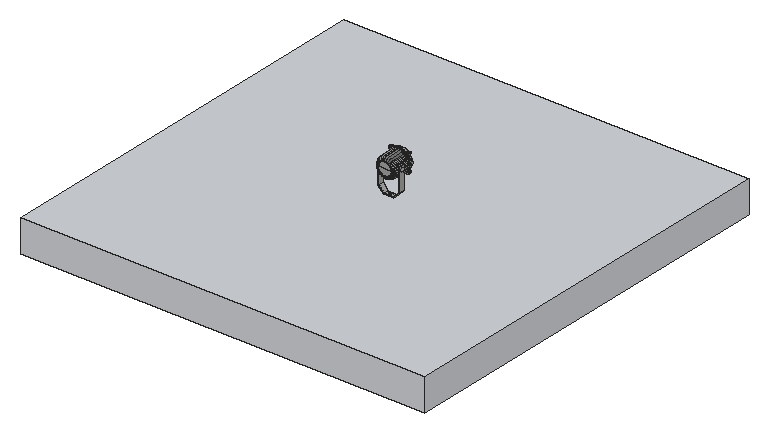
Revit family "MTH", category Lighting Fixtures, host Face, Revit 2014
Parameters (values of type "MTH-6")
  Wattage Comments = "75-99W"
  Warranty = "\t5 Year Warranty"  # constant formula
  URL = "www.hubbellindustrial.com"
  Product Link = "https://www.hubbell.com/hubbellindustriallighting/en/Products/Lighting-Controls/Harsh-Hazardous-Lighting/Flood-Lighting/MTH-Series/p/212413"
  Product Documentation Link = "https://hubbellcdn.com/specsheet/hil_mth_specsht.pdf"
  Model = "MTH"  # constant formula
  Manufacturer = "Hubbell Industrial Lighting"  # constant formula
  Lamp = "LED"
  IP Rating = "IP 65, IP 66"  # constant formula
  Glass = Hubbell - White Glass
  Fixture Head Tillt = 1.00°
  Features = "Die-cast aluminum body designed for maximum heat dissipation\r\nSealed tempered glass lens\r\nStandard with industrial grade 3' cord with available 6' and 9' options\r\nAdvanced thermal management techiques and components\r\nAvailable in 6, 12 and 18 LED configurations\r\nAvailable with 12˚ spotlight or 32˚ flood distributions\r\nThe MTH Series is designed to efficiently light any tough or classified flood light applications and any application requiring long life and low maintenance costs."  # constant formula
  Fastener = Steel - Hubbell
  Environmental Conditions = "Conditioned,Corrosive,Damp Location,Wet Location,Outdoor"  # constant formula
  Description = "The MTH Series is a Class I, Division 2 LED Machine Tool Light"  # constant formula
  Default Elevation = 48"
  Housing Material = Paint - Hubbell - Gray Smooth
  Contact us = "https://www.hubbell.com/hubbellindustriallighting/en/contactUs?productId=212413"
  Certifications = "UL,UL1598A,CSA,Wet Listed,Damp Listed,Dry\r\nClass I Division 2,IP Rated"  # constant formula
  Application = "Commercial Indoor\r\nIndustrial\r\nWarehouse"  # constant formula
  6 = yes
  2 = yes
  18 = no
  12 = no
Reference planes (in)
  plane 1 "Center (Front/Back)": y = 2
  plane 2: z = 0
  plane 3 "Center (Left/Right)": x = 0
  plane 4: x = 2.65625
  plane 5: x = -2.65625
  plane 6: z = 6.25
Forms (in)
  Extrusion 1, solid
    sketch origin (0, 0, 0) x (1, 0, 0) y (0, 1, 0)
      loop
        line (-48, 48) -> (-48, -48) -> (48, -48) -> (48, 48) -> (-48, 48)
    from 0 to -7.58294
  Extrusion 2, solid, material "Steel - Hubbell" <- "Fastener"
    sketch origin (0, -1.13193, -8.48454) x (0, 1, 0) y (0, 0, 1)
      loop
        circle (3.12293, 14.72676) r 0.38115
    from 2.53125 to 2.65625
  Extrusion 3, solid, material "Steel - Hubbell" <- "Fastener"
    sketch origin (0, -1.13193, -8.47676) x (0, 1, 0) y (0, 0, -1)
      loop
        circle (3.12293, -14.72676) r 0.38115
    from 2.53125 to 2.65625
  Extrusion 4, solid, material "Paint - Hubbell - Gray Smooth" <- "Housing Material"
    sketch origin (0, 0.86807, 0) x (1, 0, 0) y (0, 0, 1)
      loop
        line (-1.25, 0) -> (1.25, 0) -> (2.53125, 1.43342) -> (2.53125, 6.91623) -> (2.40625, 6.91623) -> (2.40625, 1.48114) -> (1.19407, 0.125) -> (-1.19407, 0.125) -> (-2.40625, 1.48114) -> (-2.40625, 6.91623) -> (-2.53125, 6.91623) -> (-2.53125, 1.43342) -> (-1.25, 0)
    from -1.73961 to -0.46604
  Extrusion 5, void
    sketch origin (0, -1.13193, 0) x (1, 0, 0) y (0, 1, 0)
      loop
        circle (0, 3.13193) r 0.44669
    from 0 to 0.125
  Revolve 6, solid, material "Hubbell - White Glass" <- "Glass", visible <- "6"
    sketch origin (0.40625, -0.26782, 7.53183) x (1, 0, 0) y (0, 0.999848, 0.017452)
      loop
        line (-1.37979, 4.65313) -> (-1.12979, 4.65313) -> (-1.12979, 4.94454)
        arc (-1.12979, 4.94454) -> (-1.24911, 5.00362) -> (-1.37979, 5.02907) r 0.4993
        line (-1.37979, 5.02907) -> (-1.37979, 4.65313)
      axis (-1.37979, 5.02907) -> (-1.37979, 4.65313)
    angle from 0 to 360
  Revolve 7, solid, material "Hubbell - White Glass" <- "Glass", visible <- "18"
    sketch origin (1.40625, -0.26782, 7.62558) x (1, 0, 0) y (0, 0.999848, 0.017452)
      loop
        line (-1.37979, 4.62188) -> (-1.12979, 4.62188) -> (-1.12979, 4.94454)
        arc (-1.12979, 4.94454) -> (-1.24911, 5.00362) -> (-1.37979, 5.02907) r 0.4993
        line (-1.37979, 5.02907) -> (-1.37979, 4.62188)
      axis (-1.37979, 5.02907) -> (-1.37979, 4.62188)
    angle from 0 to 360
  Revolve 8, solid, material "Hubbell - White Glass" <- "Glass", visible <- "6"
    sketch origin (2.42778, -0.26782, 7.53183) x (1, 0, 0) y (0, 0.999848, 0.017452)
      loop
        line (-1.37979, 4.65313) -> (-1.12979, 4.65313) -> (-1.12979, 4.94454)
        arc (-1.12979, 4.94454) -> (-1.24911, 5.00362) -> (-1.37979, 5.02907) r 0.4993
        line (-1.37979, 5.02907) -> (-1.37979, 4.65313)
      axis (-1.37979, 5.02907) -> (-1.37979, 4.65313)
    angle from 0 to 360
  Revolve 9, solid, material "Hubbell - White Glass" <- "Glass", visible <- "12"
    sketch origin (1.87522, -0.26782, 7.00036) x (1, 0, 0) y (0, 0.999848, 0.017452)
      loop
        line (-1.37979, 4.62188) -> (-1.12979, 4.62188) -> (-1.12979, 4.94454)
        arc (-1.12979, 4.94454) -> (-1.24911, 5.00362) -> (-1.37979, 5.02907) r 0.4993
        line (-1.37979, 5.02907) -> (-1.37979, 4.62188)
      axis (-1.37979, 5.02907) -> (-1.37979, 4.62188)
    angle from 0 to 360
  Revolve 10, solid, material "Hubbell - White Glass" <- "Glass", visible <- "12"
    sketch origin (2.89675, -0.26782, 6.96911) x (1, 0, 0) y (0, 0.999848, 0.017452)
      loop
        line (-1.37979, 4.65313) -> (-1.12979, 4.65313) -> (-1.12979, 4.94454)
        arc (-1.12979, 4.94454) -> (-1.24911, 5.00362) -> (-1.37979, 5.02907) r 0.4993
        line (-1.37979, 5.02907) -> (-1.37979, 4.65313)
      axis (-1.37979, 5.02907) -> (-1.37979, 4.65313)
    angle from 0 to 360
  Revolve 11, solid, material "Hubbell - White Glass" <- "Glass", visible <- "12"
    sketch origin (-1.87522, -0.26782, 7.00036) x (-1, 0, 0) y (0, -0.999848, -0.017452)
      loop
        line (-1.37979, -4.62188) -> (-1.37979, -5.02907)
        arc (-1.37979, -5.02907) -> (-1.24911, -5.00362) -> (-1.12979, -4.94454) r 0.4993
        line (-1.12979, -4.94454) -> (-1.12979, -4.62188) -> (-1.37979, -4.62188)
      axis (-1.37979, -5.02907) -> (-1.37979, -4.62188)
    angle from 0 to 360
  Revolve 12, solid, material "Hubbell - White Glass" <- "Glass", visible <- "12"
    sketch origin (-2.89675, -0.26782, 6.96911) x (-1, 0, 0) y (0, -0.999848, -0.017452)
      loop
        line (-1.37979, -4.65313) -> (-1.37979, -5.02907)
        arc (-1.37979, -5.02907) -> (-1.24911, -5.00362) -> (-1.12979, -4.94454) r 0.4993
        line (-1.12979, -4.94454) -> (-1.12979, -4.65313) -> (-1.37979, -4.65313)
      axis (-1.37979, -5.02907) -> (-1.37979, -4.65313)
    angle from 0 to 360
  Revolve 13, solid, material "Hubbell - White Glass" <- "Glass", visible <- "2"
    sketch origin (1.87522, -0.26782, 6.18786) x (1, 0, 0) y (0, 0.999848, 0.017452)
      loop
        line (-1.37979, 4.62188) -> (-1.12979, 4.62188) -> (-1.12979, 4.94454)
        arc (-1.12979, 4.94454) -> (-1.24911, 5.00362) -> (-1.37979, 5.02907) r 0.4993
        line (-1.37979, 5.02907) -> (-1.37979, 4.62188)
      axis (-1.37979, 5.02907) -> (-1.37979, 4.62188)
    angle from 0 to 360
  Revolve 14, solid, material "Hubbell - White Glass" <- "Glass", visible <- "12"
    sketch origin (2.89675, -0.26782, 6.15661) x (1, 0, 0) y (0, 0.999848, 0.017452)
      loop
        line (-1.37979, 4.65313) -> (-1.12979, 4.65313) -> (-1.12979, 4.94454)
        arc (-1.12979, 4.94454) -> (-1.24911, 5.00362) -> (-1.37979, 5.02907) r 0.4993
        line (-1.37979, 5.02907) -> (-1.37979, 4.65313)
      axis (-1.37979, 5.02907) -> (-1.37979, 4.65313)
    angle from 0 to 360
  Revolve 15, solid, material "Hubbell - White Glass" <- "Glass", visible <- "2"
    sketch origin (-1.87522, -0.26782, 6.18786) x (-1, 0, 0) y (0, -0.999848, -0.017452)
      loop
        line (-1.37979, -4.62188) -> (-1.37979, -5.02907)
        arc (-1.37979, -5.02907) -> (-1.24911, -5.00362) -> (-1.12979, -4.94454) r 0.4993
        line (-1.12979, -4.94454) -> (-1.12979, -4.62188) -> (-1.37979, -4.62188)
      axis (-1.37979, -5.02907) -> (-1.37979, -4.62188)
    angle from 0 to 360
  Revolve 16, solid, material "Hubbell - White Glass" <- "Glass", visible <- "12"
    sketch origin (-2.89675, -0.26782, 6.15661) x (-1, 0, 0) y (0, -0.999848, -0.017452)
      loop
        line (-1.37979, -4.65313) -> (-1.37979, -5.02907)
        arc (-1.37979, -5.02907) -> (-1.24911, -5.00362) -> (-1.12979, -4.94454) r 0.4993
        line (-1.12979, -4.94454) -> (-1.12979, -4.65313) -> (-1.37979, -4.65313)
      axis (-1.37979, -5.02907) -> (-1.37979, -4.65313)
    angle from 0 to 360
  Revolve 17, solid, material "Hubbell - White Glass" <- "Glass", visible <- "6"
    sketch origin (0.40625, -0.26782, 5.03067) x (1, 0, 0) y (0, -0.999848, 0.017452)
      loop
        line (-1.37979, -4.65313) -> (-1.37979, -5.02907)
        arc (-1.37979, -5.02907) -> (-1.24911, -5.00362) -> (-1.12979, -4.94454) r 0.4993
        line (-1.12979, -4.94454) -> (-1.12979, -4.65313) -> (-1.37979, -4.65313)
      axis (-1.37979, -5.02907) -> (-1.37979, -4.65313)
    angle from 0 to 360
  Revolve 18, solid, material "Hubbell - White Glass" <- "Glass", visible <- "18"
    sketch origin (1.40625, -0.26782, 4.93692) x (1, 0, 0) y (0, -0.999848, 0.017452)
      loop
        line (-1.37979, -4.62188) -> (-1.37979, -5.02907)
        arc (-1.37979, -5.02907) -> (-1.24911, -5.00362) -> (-1.12979, -4.94454) r 0.4993
        line (-1.12979, -4.94454) -> (-1.12979, -4.62188) -> (-1.37979, -4.62188)
      axis (-1.37979, -5.02907) -> (-1.37979, -4.62188)
    angle from 0 to 360
  Revolve 19, solid, material "Hubbell - White Glass" <- "Glass", visible <- "6"
    sketch origin (2.42778, -0.26782, 5.03067) x (1, 0, 0) y (0, -0.999848, 0.017452)
      loop
        line (-1.37979, -4.65313) -> (-1.37979, -5.02907)
        arc (-1.37979, -5.02907) -> (-1.24911, -5.00362) -> (-1.12979, -4.94454) r 0.4993
        line (-1.12979, -4.94454) -> (-1.12979, -4.65313) -> (-1.37979, -4.65313)
      axis (-1.37979, -5.02907) -> (-1.37979, -4.65313)
    angle from 0 to 360
  Revolve 20, solid, material "Hubbell - White Glass" <- "Glass", visible <- "12"
    sketch origin (1.87522, -0.26782, 5.56214) x (1, 0, 0) y (0, -0.999848, 0.017452)
      loop
        line (-1.37979, -4.62188) -> (-1.37979, -5.02907)
        arc (-1.37979, -5.02907) -> (-1.24911, -5.00362) -> (-1.12979, -4.94454) r 0.4993
        line (-1.12979, -4.94454) -> (-1.12979, -4.62188) -> (-1.37979, -4.62188)
      axis (-1.37979, -5.02907) -> (-1.37979, -4.62188)
    angle from 0 to 360
  Revolve 21, solid, material "Hubbell - White Glass" <- "Glass", visible <- "12"
    sketch origin (2.89675, -0.26782, 5.59339) x (1, 0, 0) y (0, -0.999848, 0.017452)
      loop
        line (-1.37979, -4.65313) -> (-1.37979, -5.02907)
        arc (-1.37979, -5.02907) -> (-1.24911, -5.00362) -> (-1.12979, -4.94454) r 0.4993
        line (-1.12979, -4.94454) -> (-1.12979, -4.65313) -> (-1.37979, -4.65313)
      axis (-1.37979, -5.02907) -> (-1.37979, -4.65313)
    angle from 0 to 360
  Revolve 22, solid, material "Hubbell - White Glass" <- "Glass", visible <- "12"
    sketch origin (-1.87522, -0.26782, 5.56214) x (-1, 0, 0) y (0, 0.999848, -0.017452)
      loop
        line (-1.37979, 4.62188) -> (-1.12979, 4.62188) -> (-1.12979, 4.94454)
        arc (-1.12979, 4.94454) -> (-1.24911, 5.00362) -> (-1.37979, 5.02907) r 0.4993
        line (-1.37979, 5.02907) -> (-1.37979, 4.62188)
      axis (-1.37979, 5.02907) -> (-1.37979, 4.62188)
    angle from 0 to 360
  Revolve 23, solid, material "Hubbell - White Glass" <- "Glass", visible <- "12"
    sketch origin (-2.89675, -0.26782, 5.59339) x (-1, 0, 0) y (0, 0.999848, -0.017452)
      loop
        line (-1.37979, 4.65313) -> (-1.12979, 4.65313) -> (-1.12979, 4.94454)
        arc (-1.12979, 4.94454) -> (-1.24911, 5.00362) -> (-1.37979, 5.02907) r 0.4993
        line (-1.37979, 5.02907) -> (-1.37979, 4.65313)
      axis (-1.37979, 5.02907) -> (-1.37979, 4.65313)
    angle from 0 to 360
Cuts and joins
  Extrusion 5 cuts Extrusion 4
Dimensions and locks (in)
  equal spacing: plane 4, plane 3 "Center (Left/Right)", plane 5, locked at 2.65625 each
  locked: plane 4 to plane 3 "Center (Left/Right)" at 2.65625
  plane 6 to plane 2 = 6 1/4"
  "Fixture Head Tillt": angle nested 1 to plane 6
  aligned and locked: plane 2 to Extrusion 1
  aligned and locked: plane 1 "Center (Front/Back)" to nested 1
  aligned and locked: plane 6 to nested 1
Automatic sketch dimensions
  Extrusion 1 sketch curve to Extrusion 1 sketch curve = 96"  (x2)
  plane 1 "Center (Front/Back)" to Extrusion 2 sketch curve = 0.009"
  Extrusion 2 sketch curve to plane 6 = 0.00777"
  Extrusion 3 sketch curve to plane 6 = 0"
  plane 1 "Center (Front/Back)" to Extrusion 3 sketch curve = 0.009"
  Extrusion 4 sketch curve to level = 0"
  plane 5 to Extrusion 4 sketch curve = 1/8"
  Extrusion 4 sketch curve to Extrusion 4 sketch curve = 1/8"  (x2)
  Extrusion 4 sketch curve to plane 3 "Center (Left/Right)" = 1 1/4"
  level to Extrusion 4 sketch curve = 1/8"
  Extrusion 4 sketch curve to Extrusion 4 sketch curve = 0.05593"  (x2)
  plane 3 "Center (Left/Right)" to Extrusion 4 sketch curve = 1.19407"
  Extrusion 4 sketch curve to plane 4 = 1/4"
  level to Extrusion 4 sketch curve = 1.43342"  (x2)
  Extrusion 4 sketch curve to Extrusion 4 sketch curve = 0.04772"  (x2)
  plane 6 to Extrusion 4 sketch curve = 0.66623"  (x2)
  plane 1 "Center (Front/Back)" to Extrusion 5 sketch curve = 0"
  Extrusion 5 sketch curve to plane 3 "Center (Left/Right)" = 0"
  Revolve 6 sketch curve to plane 3 "Center (Left/Right)" = 1.00279"
  Revolve 6 sketch curve to Revolve 6 sketch curve = 0.02925"  (x2)
  Revolve 6 sketch curve to Revolve 6 sketch curve = 1/4"
  Revolve 6 sketch curve to Revolve 6 sketch curve = 0.12251"
  Revolve 6 sketch curve to Revolve 6 sketch curve = 0.29141"
  Revolve 6 sketch curve to Revolve 6 sketch curve = 0.65874"
  Revolve 6 sketch curve to Revolve 6 sketch curve = 0.84281"
  Revolve 7 sketch curve to plane 3 "Center (Left/Right)" = 0.00279"
  plane 3 "Center (Left/Right)" to Revolve 7 sketch curve = 0.02646"  (x2)
  Revolve 7 sketch curve to Revolve 7 sketch curve = 1/4"
  Revolve 7 sketch curve to Revolve 7 sketch curve = 0.09126"
  Revolve 7 sketch curve to Revolve 7 sketch curve = 0.32266"
  Revolve 7 sketch curve to Revolve 7 sketch curve = 0.65874"
  Revolve 7 sketch curve to Revolve 7 sketch curve = 0.84281"
  plane 3 "Center (Left/Right)" to Revolve 8 sketch curve = 1.01874"
  Revolve 8 sketch curve to Revolve 8 sketch curve = 0.02925"  (x2)
  Revolve 8 sketch curve to Revolve 8 sketch curve = 1/4"
  Revolve 8 sketch curve to Revolve 8 sketch curve = 0.12251"
  Revolve 8 sketch curve to Revolve 8 sketch curve = 0.29141"
  Revolve 8 sketch curve to Revolve 8 sketch curve = 0.65874"
  Revolve 8 sketch curve to Revolve 8 sketch curve = 0.84281"
  plane 3 "Center (Left/Right)" to Revolve 9 sketch curve = 0.46618"
  Revolve 9 sketch curve to Revolve 9 sketch curve = 0.02925"
  Revolve 9 sketch curve to Revolve 9 sketch curve = 1/4"
  Revolve 9 sketch curve to Revolve 9 sketch curve = 0.09126"
  Revolve 9 sketch curve to Revolve 9 sketch curve = 0.32266"
  plane 3 "Center (Left/Right)" to Revolve 9 sketch curve = 0.49543"
  Revolve 9 sketch curve to Revolve 9 sketch curve = 0.65874"
  Revolve 9 sketch curve to Revolve 9 sketch curve = 0.84281"
  Revolve 10 sketch curve to plane 4 = 1.16854"
  Revolve 10 sketch curve to Revolve 10 sketch curve = 0.02925"  (x2)
  Revolve 10 sketch curve to Revolve 10 sketch curve = 1/4"
  Revolve 10 sketch curve to Revolve 10 sketch curve = 0.12251"
  Revolve 10 sketch curve to Revolve 10 sketch curve = 0.29141"
  Revolve 10 sketch curve to Revolve 10 sketch curve = 0.65874"
  Revolve 10 sketch curve to Revolve 10 sketch curve = 0.84281"
  Revolve 11 sketch curve to plane 3 "Center (Left/Right)" = 0.46618"
  Revolve 11 sketch curve to Revolve 11 sketch curve = 0.02925"
  Revolve 11 sketch curve to Revolve 11 sketch curve = 1/4"
  Revolve 11 sketch curve to Revolve 11 sketch curve = 0.08453"
  Revolve 11 sketch curve to Revolve 11 sketch curve = 0.09126"
  Revolve 11 sketch curve to plane 3 "Center (Left/Right)" = 0.49543"
  Revolve 11 sketch curve to Revolve 11 sketch curve = 0.84281"
  Revolve 11 sketch curve to Revolve 11 sketch curve = 0.65874"
  plane 5 to Revolve 12 sketch curve = 1.16854"
  Revolve 12 sketch curve to Revolve 12 sketch curve = 0.02925"  (x2)
  Revolve 12 sketch curve to Revolve 12 sketch curve = 1/4"
  Revolve 12 sketch curve to Revolve 12 sketch curve = 0.08453"
  Revolve 12 sketch curve to Revolve 12 sketch curve = 0.12251"
  Revolve 12 sketch curve to Revolve 12 sketch curve = 0.84281"
  Revolve 12 sketch curve to Revolve 12 sketch curve = 0.65874"
  plane 3 "Center (Left/Right)" to Revolve 13 sketch curve = 0.46618"
  Revolve 13 sketch curve to Revolve 13 sketch curve = 0.02925"
  Revolve 13 sketch curve to Revolve 13 sketch curve = 1/4"
  Revolve 13 sketch curve to Revolve 13 sketch curve = 0.09126"
  Revolve 13 sketch curve to Revolve 13 sketch curve = 0.32266"
  plane 3 "Center (Left/Right)" to Revolve 13 sketch curve = 0.49543"
  Revolve 13 sketch curve to Revolve 13 sketch curve = 0.65874"
  Revolve 13 sketch curve to Revolve 13 sketch curve = 0.84281"
  Revolve 14 sketch curve to plane 4 = 1.16854"
  Revolve 14 sketch curve to Revolve 14 sketch curve = 0.02925"  (x2)
  Revolve 14 sketch curve to Revolve 14 sketch curve = 1/4"
  Revolve 14 sketch curve to Revolve 14 sketch curve = 0.12251"
  Revolve 14 sketch curve to Revolve 14 sketch curve = 0.29141"
  Revolve 14 sketch curve to Revolve 14 sketch curve = 0.65874"
  Revolve 14 sketch curve to Revolve 14 sketch curve = 0.84281"
  Revolve 15 sketch curve to plane 3 "Center (Left/Right)" = 0.46618"
  Revolve 15 sketch curve to Revolve 15 sketch curve = 0.02925"
  Revolve 15 sketch curve to Revolve 15 sketch curve = 1/4"
  Revolve 15 sketch curve to Revolve 15 sketch curve = 0.08453"
  Revolve 15 sketch curve to Revolve 15 sketch curve = 0.09126"
  Revolve 15 sketch curve to plane 3 "Center (Left/Right)" = 0.49543"
  Revolve 15 sketch curve to Revolve 15 sketch curve = 0.84281"
  Revolve 15 sketch curve to Revolve 15 sketch curve = 0.65874"
  plane 5 to Revolve 16 sketch curve = 1.16854"
  Revolve 16 sketch curve to Revolve 16 sketch curve = 0.02925"  (x2)
  Revolve 16 sketch curve to Revolve 16 sketch curve = 1/4"
  Revolve 16 sketch curve to Revolve 16 sketch curve = 0.08453"
  Revolve 16 sketch curve to Revolve 16 sketch curve = 0.12251"
  Revolve 16 sketch curve to Revolve 16 sketch curve = 0.84281"
  Revolve 16 sketch curve to Revolve 16 sketch curve = 0.65874"
  Revolve 17 sketch curve to plane 3 "Center (Left/Right)" = 1.00279"
  Revolve 17 sketch curve to Revolve 17 sketch curve = 0.02925"  (x2)
  Revolve 17 sketch curve to Revolve 17 sketch curve = 1/4"
  Revolve 17 sketch curve to Revolve 17 sketch curve = 0.08453"
  Revolve 17 sketch curve to Revolve 17 sketch curve = 0.12251"
  Revolve 17 sketch curve to Revolve 17 sketch curve = 0.84281"
  Revolve 17 sketch curve to Revolve 17 sketch curve = 0.65874"
  Revolve 18 sketch curve to plane 3 "Center (Left/Right)" = 0.00279"
  plane 3 "Center (Left/Right)" to Revolve 18 sketch curve = 0.02646"  (x2)
  Revolve 18 sketch curve to Revolve 18 sketch curve = 1/4"
  Revolve 18 sketch curve to Revolve 18 sketch curve = 0.08453"
  Revolve 18 sketch curve to Revolve 18 sketch curve = 0.09126"
  Revolve 18 sketch curve to Revolve 18 sketch curve = 0.84281"
  Revolve 18 sketch curve to Revolve 18 sketch curve = 0.65874"
  plane 3 "Center (Left/Right)" to Revolve 19 sketch curve = 1.01874"
  Revolve 19 sketch curve to Revolve 19 sketch curve = 0.02925"  (x2)
  Revolve 19 sketch curve to Revolve 19 sketch curve = 1/4"
  Revolve 19 sketch curve to Revolve 19 sketch curve = 0.08453"
  Revolve 19 sketch curve to Revolve 19 sketch curve = 0.12251"
  Revolve 19 sketch curve to Revolve 19 sketch curve = 0.84281"
  Revolve 19 sketch curve to Revolve 19 sketch curve = 0.65874"
  plane 3 "Center (Left/Right)" to Revolve 20 sketch curve = 0.46618"
  Revolve 20 sketch curve to Revolve 20 sketch curve = 0.02925"
  Revolve 20 sketch curve to Revolve 20 sketch curve = 1/4"
  Revolve 20 sketch curve to Revolve 20 sketch curve = 0.08453"
  Revolve 20 sketch curve to Revolve 20 sketch curve = 0.09126"
  plane 3 "Center (Left/Right)" to Revolve 20 sketch curve = 0.49543"
  Revolve 20 sketch curve to Revolve 20 sketch curve = 0.84281"
  Revolve 20 sketch curve to Revolve 20 sketch curve = 0.65874"
  Revolve 21 sketch curve to plane 4 = 1.16854"
  Revolve 21 sketch curve to Revolve 21 sketch curve = 0.02925"  (x2)
  Revolve 21 sketch curve to Revolve 21 sketch curve = 1/4"
  Revolve 21 sketch curve to Revolve 21 sketch curve = 0.08453"
  Revolve 21 sketch curve to Revolve 21 sketch curve = 0.12251"
  Revolve 21 sketch curve to Revolve 21 sketch curve = 0.84281"
  Revolve 21 sketch curve to Revolve 21 sketch curve = 0.65874"
  Revolve 22 sketch curve to plane 3 "Center (Left/Right)" = 0.46618"
  Revolve 22 sketch curve to Revolve 22 sketch curve = 0.02925"
  Revolve 22 sketch curve to Revolve 22 sketch curve = 1/4"
  Revolve 22 sketch curve to Revolve 22 sketch curve = 0.09126"
  Revolve 22 sketch curve to Revolve 22 sketch curve = 0.32266"
  Revolve 22 sketch curve to plane 3 "Center (Left/Right)" = 0.49543"
  Revolve 22 sketch curve to Revolve 22 sketch curve = 0.65874"
  Revolve 22 sketch curve to Revolve 22 sketch curve = 0.84281"
  plane 5 to Revolve 23 sketch curve = 1.16854"
  Revolve 23 sketch curve to Revolve 23 sketch curve = 0.02925"  (x2)
  Revolve 23 sketch curve to Revolve 23 sketch curve = 1/4"
  Revolve 23 sketch curve to Revolve 23 sketch curve = 0.12251"
  Revolve 23 sketch curve to Revolve 23 sketch curve = 0.29141"
  Revolve 23 sketch curve to Revolve 23 sketch curve = 0.65874"
  Revolve 23 sketch curve to Revolve 23 sketch curve = 0.84281"
  radius of Extrusion 2 sketch curve = 0.38115"
  radius of Extrusion 3 sketch curve = 0.38115"
  radius of Extrusion 5 sketch curve = 0.44669"
Nested families (in)
  nested 1: "MTH" at (2.40625, 3.9997, 6.2849) x (0, 0.0175, -0.9998) z (-1, 0, 0), type "MTH"
Connectors (in)
  electrical at (0, 1.9709, 0.125)
    settings: on cut or joined group of Extrusion 4, Extrusion 5, index 1, voltage 120 V, apparent load 21 VA, apparent load phase1 0 VA, apparent load phase2 0 VA, apparent load phase3 0 VA, power factor 0.9, load classification "Other", number of poles 1, system type 30, power factor state 1, is connector primary yes, connector utility no, sub classification motor no, connector description "Lighting Connector"
Definition of nested family "MTH"
  Parameters (values of type "Dokstar Head")
    Wattage Comments = ""
    Wattage = 9.2903 W
    built-in parameter 1150110 = 1 (stored number, unit not read)
    URL = "www.hubbellindustrial.com"
    built-in parameter 1114217 = 1 (stored number, unit not read)
    Tilt Angle = 90.00°
    built-in parameter 1150109 = 1 (stored number, unit not read)
    built-in parameter 1150134 = 3
    built-in parameter 1150113 = 1 (stored number, unit not read)
    Photometric Web File = "generic"
    built-in parameter 1150142 = (empty or 0)
    Model = "DOKSTAR"  # constant formula
    Manufacturer = "Hubbell Industrial Lighting"  # constant formula
    built-in parameter 1150105 = 109.82 (stored number, unit not read)
    Lumens = 1380 lm
    built-in parameter 1150115 = 1 (stored number, unit not read)
    built-in parameter 1150137 = (empty or 0)
    built-in parameter 1150139 = (empty or 0)
    built-in parameter 1150112 = 1 (stored number, unit not read)
    built-in parameter 1150114 = 1 (stored number, unit not read)
    Lamp = ""
    Opal lens = Hubbell - White Glass
    built-in parameter 1150132 = (empty or 0)
    built-in parameter 1150102 = (empty or 0)
    built-in parameter 1150107 = 3200 (stored number, unit not read)
    built-in parameter 1150138 = (empty or 0)
    built-in parameter 1150106 = 1.0982 (stored number, unit not read)
    Emit from Circle Diameter = 4"
    Emit Shape Visible in Rendering = no
    built-in parameter 1150104 = 13.8 (stored number, unit not read)
    Dimming Lamp Color Temperature Shift = (empty or 0)
    Description = "Dokstar™ Series LED Loading Dock Lights deliver lower energy cost with high quality superior light over incandescent, quartz or metal halide technologies traditionally used in loading dock applications."  # constant formula
    Default Elevation = 48"
    Finish = Powdercoat - Hubbell - Yellow
    Color Filter = 16777215
    built-in parameter 1114218 = 1 (stored number, unit not read)
    built-in parameter 1150133 = 10 (stored number, unit not read)
  Reference planes (in)
    plane 1 "Center (Front/Back)": y = 2
    plane 2: z = 0
    plane 3 "Center (Left/Right)": x = 0
    plane 4: x = 2.65625
    plane 5: x = -2.65625
    plane 6: through (2.65625, -180.68316, -0.38108) normal (-0.7232, 0, -0.6907)
    plane 7: through (-2.65625, -180.68316, -0.38108) normal (-0.7232, 0, 0.6907)
    plane 8: y = -1
    plane 9: y = 3.8125
  Forms (in)
    Extrusion 1, solid
      sketch origin (0, 0, 0) x (1, 0, 0) y (0, 1, 0)
        loop
          line (-48, 48) -> (-48, -48) -> (48, -48) -> (48, 48) -> (-48, 48)
      from 0 to -7.58294
    Extrusion 2, solid, material "Powdercoat - Hubbell - Yellow" <- "Finish"
      sketch origin (0, 1.31684, 5.18142) x (-1, 0, 0) y (0, 0, -1)
        loop
          arc (-2.02183, 4.504) -> (-2.65625, 2.78152) -> (-2.02218, 1.05891) r 2.65625
          arc (-2.02218, 1.05891) -> (-2.01475, 1.0374) -> (-2.02388, 1.01655) r 0.03125
          line (-2.02388, 1.01655) -> (-2.17834, 0.86209)
          arc (-2.17834, 0.86209) -> (-2.18757, 0.51223) -> (-1.83797, 0.49597) r 0.25
          line (-1.83797, 0.49597) -> (-1.66073, 0.6732)
          arc (-1.66073, 0.6732) -> (-1.64066, 0.68229) -> (-1.61958, 0.67587) r 0.03125
          arc (-1.61958, 0.67587) -> (-0.00043, 0.125) -> (1.61889, 0.67534) r 2.65625
          arc (1.61889, 0.67534) -> (1.63997, 0.68175) -> (1.66004, 0.67266) r 0.03125
          line (1.66004, 0.67266) -> (1.84415, 0.48855)
          arc (1.84415, 0.48855) -> (2.19413, 0.48874) -> (2.20098, 0.83865) r 0.25
          line (2.20098, 0.83865) -> (2.02351, 1.01612)
          arc (2.02351, 1.01612) -> (2.01438, 1.03698) -> (2.02182, 1.05849) r 0.03125
          arc (2.02182, 1.05849) -> (2.65624, 2.78709) -> (2.01423, 4.51288) r 2.65625
          arc (2.01423, 4.51288) -> (2.00633, 4.53547) -> (2.0159, 4.5574) r 0.03275
          line (2.0159, 4.5574) -> (2.17817, 4.71966)
          arc (2.17817, 4.71966) -> (2.17799, 5.06965) -> (1.82807, 5.0765) r 0.25
          line (1.82807, 5.0765) -> (1.64948, 4.89791)
          arc (1.64948, 4.89791) -> (1.62949, 4.88883) -> (1.60846, 4.89514) r 0.03125
          arc (1.60846, 4.89514) -> (-0.0122, 5.43747) -> (-1.62781, 4.88027) r 2.65625
          arc (-1.62781, 4.88027) -> (-1.65021, 4.87367) -> (-1.67115, 4.884) r 0.03206
          line (-1.67115, 4.884) -> (-1.84271, 5.07211)
          arc (-1.84271, 5.07211) -> (-2.19195, 5.04919) -> (-2.17605, 4.69957) r 0.25
          line (-2.17605, 4.69957) -> (-2.02355, 4.54707)
          arc (-2.02355, 4.54707) -> (-2.01427, 4.52587) -> (-2.02183, 4.504) r 0.03177
        loop
          circle (0, 2.78125) r 2
      from 1.92187 to 2.31684
    Revolve 3, solid, material "Powdercoat - Hubbell - Yellow" <- "Finish"
      sketch origin (0, -0.68316, 5.18142) x (0, 1, 0) y (0, 0, -1)
        loop
          line (4.49566, 2.78125) -> (0.31457, 2.78125) -> (0.31457, 0.24999) -> (0.07813, 0.24999) -> (0.07813, 0.12499) -> (0.34582, 0.12499)
          arc (0.34582, 0.12499) -> (0.41211, 0.15245) -> (0.43957, 0.21874) r 0.09375
          line (0.43957, 0.21874) -> (0.43957, 0.9584)
          arc (0.43957, 0.9584) -> (0.51279, 1.13517) -> (0.68957, 1.2084) r 0.25
          line (0.68957, 1.2084) -> (4.49566, 1.2084) -> (4.49566, 2.78125)
        axis (4.49566, 2.78125) -> (0.07813, 2.78125)
      angle from 0 to 360
    Extrusion 4, solid, material "Powdercoat - Hubbell - Yellow" <- "Finish"
      sketch origin (0, 1.31684, 5.18142) x (-1, 0, 0) y (0, 0, -1)
        loop
          arc (2.17817, 4.71966) -> (2.17799, 5.06965) -> (1.82807, 5.0765) r 0.25
          line (1.82807, 5.0765) -> (1.64948, 4.89791)
          arc (1.64948, 4.89791) -> (1.62949, 4.88883) -> (1.60846, 4.89514) r 0.03125
          arc (1.60846, 4.89514) -> (1.8214, 4.71468) -> (2.01423, 4.51288) r 2.65625
          arc (2.01423, 4.51288) -> (2.00633, 4.53547) -> (2.0159, 4.5574) r 0.03275
          line (2.0159, 4.5574) -> (2.17817, 4.71966)
        loop
          arc (-1.84271, 5.07211) -> (-2.19195, 5.04919) -> (-2.17605, 4.69957) r 0.25
          line (-2.17605, 4.69957) -> (-2.02355, 4.54707)
          arc (-2.02355, 4.54707) -> (-2.01427, 4.52586) -> (-2.02184, 4.50399) r 0.03177
          arc (-2.02184, 4.50399) -> (-1.83562, 4.70113) -> (-1.63044, 4.87844) r 2.68025
          arc (-1.63044, 4.87844) -> (-1.6518, 4.87384) -> (-1.67115, 4.884) r 0.03206
          line (-1.67115, 4.884) -> (-1.84271, 5.07211)
        loop
          line (-2.02388, 1.01655) -> (-2.17834, 0.86209)
          arc (-2.17834, 0.86209) -> (-2.18757, 0.51223) -> (-1.83797, 0.49597) r 0.25
          line (-1.83797, 0.49597) -> (-1.66073, 0.6732)
          arc (-1.66073, 0.6732) -> (-1.64066, 0.68229) -> (-1.61958, 0.67587) r 0.03125
          arc (-1.61958, 0.67587) -> (-1.82979, 0.8557) -> (-2.02022, 1.05635) r 2.66406
          arc (-2.02022, 1.05635) -> (-2.01485, 1.03579) -> (-2.02388, 1.01655) r 0.03125
        loop
          line (1.66004, 0.67266) -> (1.84415, 0.48855)
          arc (1.84415, 0.48855) -> (2.19413, 0.48874) -> (2.20098, 0.83865) r 0.25
          line (2.20098, 0.83865) -> (2.02351, 1.01612)
          arc (2.02351, 1.01612) -> (2.01449, 1.03537) -> (2.01986, 1.05593) r 0.03125
          arc (2.01986, 1.05593) -> (1.82927, 0.85521) -> (1.61889, 0.67534) r 2.66406
          arc (1.61889, 0.67534) -> (1.63997, 0.68175) -> (1.66004, 0.67266) r 0.03125
      from 1.56466 to 1.92187
    Extrusion 5, solid, material "Hubbell - White Glass" <- "Opal lens"
      sketch origin (0, 1.89497, -12.50607) x (1, 0, 0) y (0, 0, 1)
        loop
          circle (0, 14.90624) r 2
      from 2.62787 to 2.72935
    Extrusion 6, solid, material "Powdercoat - Hubbell - Yellow" <- "Finish"
      sketch origin (0, 2, 0) x (1, 0, 0) y (0, 0, 1)
        loop
          line (-0.48322, 4.80035) -> (-0.48322, 0) -> (0.48322, 0) -> (0.48322, 4.80035) -> (-0.48322, 4.80035)
      from -0.51564 to 0.53414
    Extrusion 7, solid, material "Powdercoat - Hubbell - Yellow" <- "Finish"
      sketch origin (4.98824, -180.68316, 3.53871) x (0.974928, 0, 0.222521) y (0, -1, 0)
        loop
          line (-2.71426, -180.43534) -> (-3.29152, -180.43534)
          arc (-3.29152, -180.43534) -> (-3.47047, -180.50947) -> (-3.54459, -180.68841) r 0.25307
          line (-3.54459, -180.68841) -> (-3.54459, -184.4968)
          arc (-3.54459, -184.4968) -> (-2.96918, -184.26536) -> (-2.71426, -183.69996) r 0.83103
          line (-2.71426, -183.69996) -> (-2.71426, -180.43534)
      from -0.04137 to 0.04833
    Extrusion 8, solid, material "Powdercoat - Hubbell - Yellow" <- "Finish"
      sketch origin (4.60983, -180.68316, 4.62015) x (0.900969, 0, 0.433884) y (0, -1, 0)
        loop
          line (-2.71426, -180.43534) -> (-3.29152, -180.43534)
          arc (-3.29152, -180.43534) -> (-3.47047, -180.50947) -> (-3.54459, -180.68841) r 0.25307
          line (-3.54459, -180.68841) -> (-3.54459, -184.4968)
          arc (-3.54459, -184.4968) -> (-2.96918, -184.26536) -> (-2.71426, -183.69996) r 0.83103
          line (-2.71426, -183.69996) -> (-2.71426, -180.43534)
      from -0.04137 to 0.04833
    Extrusion 9, solid, material "Powdercoat - Hubbell - Yellow" <- "Finish"
      sketch origin (4.00026, -180.68316, 5.59028) x (0.781831, 0, 0.62349) y (0, -1, 0)
        loop
          line (-2.71426, -180.43534) -> (-3.29152, -180.43534)
          arc (-3.29152, -180.43534) -> (-3.47047, -180.50947) -> (-3.54459, -180.68841) r 0.25307
          line (-3.54459, -180.68841) -> (-3.54459, -184.4968)
          arc (-3.54459, -184.4968) -> (-2.96918, -184.26536) -> (-2.71426, -183.69996) r 0.83103
          line (-2.71426, -183.69996) -> (-2.71426, -180.43534)
      from -0.04137 to 0.04833
    Extrusion 10, solid, material "Powdercoat - Hubbell - Yellow" <- "Finish"
      sketch origin (3.1901, -180.68316, 6.40043) x (0.62349, 0, 0.781831) y (0, -1, 0)
        loop
          line (-2.71426, -180.43534) -> (-3.29152, -180.43534)
          arc (-3.29152, -180.43534) -> (-3.47047, -180.50947) -> (-3.54459, -180.68841) r 0.25307
          line (-3.54459, -180.68841) -> (-3.54459, -184.4968)
          arc (-3.54459, -184.4968) -> (-2.96918, -184.26536) -> (-2.71426, -183.69996) r 0.83103
          line (-2.71426, -183.69996) -> (-2.71426, -180.43534)
      from -0.04137 to 0.04833
    Extrusion 11, solid, material "Powdercoat - Hubbell - Yellow" <- "Finish"
      sketch origin (2.21998, -180.68316, 7.01) x (0.433884, 0, 0.900969) y (0, -1, 0)
        loop
          line (-2.71426, -180.43534) -> (-3.29152, -180.43534)
          arc (-3.29152, -180.43534) -> (-3.47047, -180.50947) -> (-3.54459, -180.68841) r 0.25307
          line (-3.54459, -180.68841) -> (-3.54459, -184.4968)
          arc (-3.54459, -184.4968) -> (-2.96918, -184.26536) -> (-2.71426, -183.69996) r 0.83103
          line (-2.71426, -183.69996) -> (-2.71426, -180.43534)
      from -0.04137 to 0.04833
    Extrusion 12, solid, material "Powdercoat - Hubbell - Yellow" <- "Finish"
      sketch origin (1.13853, -180.68316, 7.38842) x (0.222521, 0, 0.974928) y (0, -1, 0)
        loop
          line (-2.71426, -180.43534) -> (-3.29152, -180.43534)
          arc (-3.29152, -180.43534) -> (-3.47047, -180.50947) -> (-3.54459, -180.68841) r 0.25307
          line (-3.54459, -180.68841) -> (-3.54459, -184.4968)
          arc (-3.54459, -184.4968) -> (-2.96918, -184.26536) -> (-2.71426, -183.69996) r 0.83103
          line (-2.71426, -183.69996) -> (-2.71426, -180.43534)
      from -0.04137 to 0.04833
    Extrusion 13, solid, material "Powdercoat - Hubbell - Yellow" <- "Finish"
      sketch origin (0, -180.68316, 7.5167) x (0, 0, 1) y (0, -1, 0)
        loop
          line (-2.71426, -180.43534) -> (-3.29152, -180.43534)
          arc (-3.29152, -180.43534) -> (-3.47047, -180.50947) -> (-3.54459, -180.68841) r 0.25307
          line (-3.54459, -180.68841) -> (-3.54459, -184.4968)
          arc (-3.54459, -184.4968) -> (-2.96918, -184.26536) -> (-2.71426, -183.69996) r 0.83103
          line (-2.71426, -183.69996) -> (-2.71426, -180.43534)
      from -0.04137 to 0.04833
    Extrusion 14, solid, material "Powdercoat - Hubbell - Yellow" <- "Finish"
      sketch origin (-1.13853, -180.68316, 7.38842) x (-0.222521, 0, 0.974928) y (0, -1, 0)
        loop
          line (-2.71426, -180.43534) -> (-3.29152, -180.43534)
          arc (-3.29152, -180.43534) -> (-3.47047, -180.50947) -> (-3.54459, -180.68841) r 0.25307
          line (-3.54459, -180.68841) -> (-3.54459, -184.4968)
          arc (-3.54459, -184.4968) -> (-2.96918, -184.26536) -> (-2.71426, -183.69996) r 0.83103
          line (-2.71426, -183.69996) -> (-2.71426, -180.43534)
      from -0.04137 to 0.04833
    Extrusion 15, solid, material "Powdercoat - Hubbell - Yellow" <- "Finish"
      sketch origin (-2.21998, -180.68316, 7.01) x (-0.433884, 0, 0.900969) y (0, -1, 0)
        loop
          line (-2.71426, -180.43534) -> (-3.29152, -180.43534)
          arc (-3.29152, -180.43534) -> (-3.47047, -180.50947) -> (-3.54459, -180.68841) r 0.25307
          line (-3.54459, -180.68841) -> (-3.54459, -184.4968)
          arc (-3.54459, -184.4968) -> (-2.96918, -184.26536) -> (-2.71426, -183.69996) r 0.83103
          line (-2.71426, -183.69996) -> (-2.71426, -180.43534)
      from -0.04137 to 0.04833
    Extrusion 16, solid, material "Powdercoat - Hubbell - Yellow" <- "Finish"
      sketch origin (-3.1901, -180.68316, 6.40043) x (-0.62349, 0, 0.781831) y (0, -1, 0)
        loop
          line (-2.71426, -180.43534) -> (-3.29152, -180.43534)
          arc (-3.29152, -180.43534) -> (-3.47047, -180.50947) -> (-3.54459, -180.68841) r 0.25307
          line (-3.54459, -180.68841) -> (-3.54459, -184.4968)
          arc (-3.54459, -184.4968) -> (-2.96918, -184.26536) -> (-2.71426, -183.69996) r 0.83103
          line (-2.71426, -183.69996) -> (-2.71426, -180.43534)
      from -0.04137 to 0.04833
    Extrusion 17, solid, material "Powdercoat - Hubbell - Yellow" <- "Finish"
      sketch origin (-4.00026, -180.68316, 5.59028) x (-0.781831, 0, 0.62349) y (0, -1, 0)
        loop
          line (-2.71426, -180.43534) -> (-3.29152, -180.43534)
          arc (-3.29152, -180.43534) -> (-3.47047, -180.50947) -> (-3.54459, -180.68841) r 0.25307
          line (-3.54459, -180.68841) -> (-3.54459, -184.4968)
          arc (-3.54459, -184.4968) -> (-2.96918, -184.26536) -> (-2.71426, -183.69996) r 0.83103
          line (-2.71426, -183.69996) -> (-2.71426, -180.43534)
      from -0.04137 to 0.04833
    Extrusion 18, solid, material "Powdercoat - Hubbell - Yellow" <- "Finish"
      sketch origin (-4.60983, -180.68316, 4.62015) x (-0.900969, 0, 0.433884) y (0, -1, 0)
        loop
          line (-2.71426, -180.43534) -> (-3.29152, -180.43534)
          arc (-3.29152, -180.43534) -> (-3.47047, -180.50947) -> (-3.54459, -180.68841) r 0.25307
          line (-3.54459, -180.68841) -> (-3.54459, -184.4968)
          arc (-3.54459, -184.4968) -> (-2.96918, -184.26536) -> (-2.71426, -183.69996) r 0.83103
          line (-2.71426, -183.69996) -> (-2.71426, -180.43534)
      from -0.04137 to 0.04833
    Extrusion 19, solid, material "Powdercoat - Hubbell - Yellow" <- "Finish"
      sketch origin (-4.98824, -180.68316, 3.53871) x (-0.974928, 0, 0.222521) y (0, -1, 0)
        loop
          line (-2.71426, -180.43534) -> (-3.29152, -180.43534)
          arc (-3.29152, -180.43534) -> (-3.47047, -180.50947) -> (-3.54459, -180.68841) r 0.25307
          line (-3.54459, -180.68841) -> (-3.54459, -184.4968)
          arc (-3.54459, -184.4968) -> (-2.96918, -184.26536) -> (-2.71426, -183.69996) r 0.83103
          line (-2.71426, -183.69996) -> (-2.71426, -180.43534)
      from -0.04137 to 0.04833
    Extrusion 20, solid, material "Powdercoat - Hubbell - Yellow" <- "Finish"
      sketch origin (-5.11653, -180.68316, 2.40017) x (-1, 0, 0) y (0, -1, 0)
        loop
          line (-2.71426, -180.43534) -> (-3.29152, -180.43534)
          arc (-3.29152, -180.43534) -> (-3.47047, -180.50947) -> (-3.54459, -180.68841) r 0.25307
          line (-3.54459, -180.68841) -> (-3.54459, -184.4968)
          arc (-3.54459, -184.4968) -> (-2.96918, -184.26536) -> (-2.71426, -183.69996) r 0.83103
          line (-2.71426, -183.69996) -> (-2.71426, -180.43534)
      from -0.04137 to 0.04833
    Extrusion 21, solid, material "Powdercoat - Hubbell - Yellow" <- "Finish"
      sketch origin (-4.98824, -180.68316, 1.26164) x (-0.974928, 0, -0.222521) y (0, -1, 0)
        loop
          line (-2.71426, -180.43534) -> (-3.29152, -180.43534)
          arc (-3.29152, -180.43534) -> (-3.47047, -180.50947) -> (-3.54459, -180.68841) r 0.25307
          line (-3.54459, -180.68841) -> (-3.54459, -184.4968)
          arc (-3.54459, -184.4968) -> (-2.96918, -184.26536) -> (-2.71426, -183.69996) r 0.83103
          line (-2.71426, -183.69996) -> (-2.71426, -180.43534)
      from -0.04137 to 0.04833
    Extrusion 22, solid, material "Powdercoat - Hubbell - Yellow" <- "Finish"
      sketch origin (-4.60983, -180.68316, 0.1802) x (-0.900969, 0, -0.433884) y (0, -1, 0)
        loop
          line (-2.71426, -180.43534) -> (-3.29152, -180.43534)
          arc (-3.29152, -180.43534) -> (-3.47047, -180.50947) -> (-3.54459, -180.68841) r 0.25307
          line (-3.54459, -180.68841) -> (-3.54459, -184.4968)
          arc (-3.54459, -184.4968) -> (-2.96918, -184.26536) -> (-2.71426, -183.69996) r 0.83103
          line (-2.71426, -183.69996) -> (-2.71426, -180.43534)
      from -0.04137 to 0.04833
    Extrusion 23, solid, material "Powdercoat - Hubbell - Yellow" <- "Finish"
      sketch origin (-4.00026, -180.68316, -0.78993) x (-0.781831, 0, -0.62349) y (0, -1, 0)
        loop
          line (-2.71426, -180.43534) -> (-3.29152, -180.43534)
          arc (-3.29152, -180.43534) -> (-3.47047, -180.50947) -> (-3.54459, -180.68841) r 0.25307
          line (-3.54459, -180.68841) -> (-3.54459, -184.4968)
          arc (-3.54459, -184.4968) -> (-2.96918, -184.26536) -> (-2.71426, -183.69996) r 0.83103
          line (-2.71426, -183.69996) -> (-2.71426, -180.43534)
      from -0.04137 to 0.04833
    Extrusion 24, solid, material "Powdercoat - Hubbell - Yellow" <- "Finish"
      sketch origin (-3.1901, -180.68316, -1.60009) x (-0.62349, 0, -0.781831) y (0, -1, 0)
        loop
          line (-2.71426, -180.43534) -> (-3.29152, -180.43534)
          arc (-3.29152, -180.43534) -> (-3.47047, -180.50947) -> (-3.54459, -180.68841) r 0.25307
          line (-3.54459, -180.68841) -> (-3.54459, -184.4968)
          arc (-3.54459, -184.4968) -> (-2.96918, -184.26536) -> (-2.71426, -183.69996) r 0.83103
          line (-2.71426, -183.69996) -> (-2.71426, -180.43534)
      from -0.04137 to 0.04833
    Extrusion 25, solid, material "Powdercoat - Hubbell - Yellow" <- "Finish"
      sketch origin (-2.21998, -180.68316, -2.20966) x (-0.433884, 0, -0.900969) y (0, -1, 0)
        loop
          line (-2.71426, -180.43534) -> (-3.29152, -180.43534)
          arc (-3.29152, -180.43534) -> (-3.47047, -180.50947) -> (-3.54459, -180.68841) r 0.25307
          line (-3.54459, -180.68841) -> (-3.54459, -184.4968)
          arc (-3.54459, -184.4968) -> (-2.96918, -184.26536) -> (-2.71426, -183.69996) r 0.83103
          line (-2.71426, -183.69996) -> (-2.71426, -180.43534)
      from -0.04137 to 0.04833
    Extrusion 26, solid, material "Powdercoat - Hubbell - Yellow" <- "Finish"
      sketch origin (-1.13853, -180.68316, -2.58807) x (-0.222521, 0, -0.974928) y (0, -1, 0)
        loop
          line (-2.71426, -180.43534) -> (-3.29152, -180.43534)
          arc (-3.29152, -180.43534) -> (-3.47047, -180.50947) -> (-3.54459, -180.68841) r 0.25307
          line (-3.54459, -180.68841) -> (-3.54459, -184.4968)
          arc (-3.54459, -184.4968) -> (-2.96918, -184.26536) -> (-2.71426, -183.69996) r 0.83103
          line (-2.71426, -183.69996) -> (-2.71426, -180.43534)
      from -0.04137 to 0.04833
    Extrusion 27, solid, material "Powdercoat - Hubbell - Yellow" <- "Finish"
      sketch origin (0, -180.68316, -2.71635) x (0, 0, -1) y (0, -1, 0)
        loop
          line (-2.71426, -180.43534) -> (-3.29152, -180.43534)
          arc (-3.29152, -180.43534) -> (-3.47047, -180.50947) -> (-3.54459, -180.68841) r 0.25307
          line (-3.54459, -180.68841) -> (-3.54459, -184.4968)
          arc (-3.54459, -184.4968) -> (-2.96918, -184.26536) -> (-2.71426, -183.69996) r 0.83103
          line (-2.71426, -183.69996) -> (-2.71426, -180.43534)
      from -0.04137 to 0.04833
    Extrusion 28, solid, material "Powdercoat - Hubbell - Yellow" <- "Finish"
      sketch origin (1.13853, -180.68316, -2.58807) x (0.222521, 0, -0.974928) y (0, -1, 0)
        loop
          line (-2.71426, -180.43534) -> (-3.29152, -180.43534)
          arc (-3.29152, -180.43534) -> (-3.47047, -180.50947) -> (-3.54459, -180.68841) r 0.25307
          line (-3.54459, -180.68841) -> (-3.54459, -184.4968)
          arc (-3.54459, -184.4968) -> (-2.96918, -184.26536) -> (-2.71426, -183.69996) r 0.83103
          line (-2.71426, -183.69996) -> (-2.71426, -180.43534)
      from -0.04137 to 0.04833
    Extrusion 29, solid, material "Powdercoat - Hubbell - Yellow" <- "Finish"
      sketch origin (2.21998, -180.68316, -2.20966) x (0.433884, 0, -0.900969) y (0, -1, 0)
        loop
          line (-2.71426, -180.43534) -> (-3.29152, -180.43534)
          arc (-3.29152, -180.43534) -> (-3.47047, -180.50947) -> (-3.54459, -180.68841) r 0.25307
          line (-3.54459, -180.68841) -> (-3.54459, -184.4968)
          arc (-3.54459, -184.4968) -> (-2.96918, -184.26536) -> (-2.71426, -183.69996) r 0.83103
          line (-2.71426, -183.69996) -> (-2.71426, -180.43534)
      from -0.04137 to 0.04833
    Extrusion 30, solid, material "Powdercoat - Hubbell - Yellow" <- "Finish"
      sketch origin (3.1901, -180.68316, -1.60009) x (0.62349, 0, -0.781831) y (0, -1, 0)
        loop
          line (-2.71426, -180.43534) -> (-3.29152, -180.43534)
          arc (-3.29152, -180.43534) -> (-3.47047, -180.50947) -> (-3.54459, -180.68841) r 0.25307
          line (-3.54459, -180.68841) -> (-3.54459, -184.4968)
          arc (-3.54459, -184.4968) -> (-2.96918, -184.26536) -> (-2.71426, -183.69996) r 0.83103
          line (-2.71426, -183.69996) -> (-2.71426, -180.43534)
      from -0.04137 to 0.04833
    Extrusion 31, solid, material "Powdercoat - Hubbell - Yellow" <- "Finish"
      sketch origin (4.00026, -180.68316, -0.78993) x (0.781831, 0, -0.62349) y (0, -1, 0)
        loop
          line (-2.71426, -180.43534) -> (-3.29152, -180.43534)
          arc (-3.29152, -180.43534) -> (-3.47047, -180.50947) -> (-3.54459, -180.68841) r 0.25307
          line (-3.54459, -180.68841) -> (-3.54459, -184.4968)
          arc (-3.54459, -184.4968) -> (-2.96918, -184.26536) -> (-2.71426, -183.69996) r 0.83103
          line (-2.71426, -183.69996) -> (-2.71426, -180.43534)
      from -0.04137 to 0.04833
    Extrusion 32, solid, material "Powdercoat - Hubbell - Yellow" <- "Finish"
      sketch origin (4.60983, -180.68316, 0.1802) x (0.900969, 0, -0.433884) y (0, -1, 0)
        loop
          line (-2.71426, -180.43534) -> (-3.29152, -180.43534)
          arc (-3.29152, -180.43534) -> (-3.47047, -180.50947) -> (-3.54459, -180.68841) r 0.25307
          line (-3.54459, -180.68841) -> (-3.54459, -184.4968)
          arc (-3.54459, -184.4968) -> (-2.96918, -184.26536) -> (-2.71426, -183.69996) r 0.83103
          line (-2.71426, -183.69996) -> (-2.71426, -180.43534)
      from -0.04137 to 0.04833
    Extrusion 33, solid, material "Powdercoat - Hubbell - Yellow" <- "Finish"
      sketch origin (4.98824, -180.68316, 1.26164) x (0.974928, 0, -0.222521) y (0, -1, 0)
        loop
          line (-2.71426, -180.43534) -> (-3.29152, -180.43534)
          arc (-3.29152, -180.43534) -> (-3.47047, -180.50947) -> (-3.54459, -180.68841) r 0.25307
          line (-3.54459, -180.68841) -> (-3.54459, -184.4968)
          arc (-3.54459, -184.4968) -> (-2.96918, -184.26536) -> (-2.71426, -183.69996) r 0.83103
          line (-2.71426, -183.69996) -> (-2.71426, -180.43534)
      from -0.04137 to 0.04833
  Cuts and joins
    joined: Extrusion 6, Extrusion 13, Extrusion 27
  Lines and regions (in)
    reference lines
      curve 1: line (0, 2, 0) -> (0, -5.35142, 0)
  Dimensions and locks (in)
    equal spacing: plane 4, plane 3 "Center (Left/Right)", plane 5, locked at 2.65625 each
    locked: plane 4 to plane 3 "Center (Left/Right)" at 2.65625
    locked: plane 8 to plane 1 "Center (Front/Back)" at 3
    plane 9 to plane 8 = 4 13/16"
    aligned and locked: plane 2 to Extrusion 1
    aligned and locked: Extrusion 4 to Extrusion 2
    aligned and locked: Revolve 3 sketch curve to plane 9
  Automatic sketch dimensions
    Extrusion 1 sketch curve to Extrusion 1 sketch curve = 96"  (x2)
    Extrusion 2 sketch curve to Extrusion 2 sketch curve = 0"  (x28)
    Extrusion 2 sketch curve to plane 4 = 0.47791"
    Extrusion 2 sketch curve to plane 6 = 0.24986"
    plane 5 to Extrusion 2 sketch curve = 0.8121"
    plane 7 to Extrusion 2 sketch curve = 0"
    Extrusion 2 sketch curve to plane 3 "Center (Left/Right)" = 0"
    plane 6 to Extrusion 2 sketch curve = 0"  (x2)
    Extrusion 2 sketch curve to plane 4 = 0.4802"
    Extrusion 2 sketch curve to Extrusion 2 sketch curve = 0.15446"  (x2)
    Extrusion 2 sketch curve to Extrusion 2 sketch curve = 0.1525"  (x2)
    level to Extrusion 2 sketch curve = 0.10931"
    Extrusion 2 sketch curve to Extrusion 2 sketch curve = 0.33333"
    Extrusion 2 sketch curve to Extrusion 2 sketch curve = 0.34037"
    level to Extrusion 2 sketch curve = 0.29742"
    Extrusion 2 sketch curve to Extrusion 2 sketch curve = 0.17156"
    Extrusion 2 sketch curve to Extrusion 2 sketch curve = 0.17723"
    level to Extrusion 2 sketch curve = 0.28352"
    plane 5 to Extrusion 2 sketch curve = 1.00677"
    Extrusion 2 sketch curve to Extrusion 2 sketch curve = 0.18411"  (x2)
    level to Extrusion 2 sketch curve = 0.10493"
    Extrusion 2 sketch curve to Extrusion 2 sketch curve = 0.17859"
    Extrusion 2 sketch curve to Extrusion 2 sketch curve = 0.36642"
    Extrusion 2 sketch curve to Extrusion 2 sketch curve = 0.36347"
    Extrusion 2 sketch curve to Extrusion 2 sketch curve = 0.16227"  (x2)
    Extrusion 2 sketch curve to Extrusion 2 sketch curve = 0.17747"  (x2)
    Extrusion 2 sketch curve to Extrusion 2 sketch curve = 0.02246"
    Extrusion 2 sketch curve to Extrusion 2 sketch curve = 0.0221"  (x3)
    Extrusion 2 sketch curve to Extrusion 2 sketch curve = 0.02379"
    Extrusion 2 sketch curve to Extrusion 2 sketch curve = 0.02418"
    Extrusion 2 sketch curve to Extrusion 2 sketch curve = 0.16292"
    Extrusion 2 sketch curve to Extrusion 2 sketch curve = 0.17386"
    Extrusion 2 sketch curve to Extrusion 2 sketch curve = 0.02369"
    Extrusion 2 sketch curve to Extrusion 2 sketch curve = 0.01965"
    Extrusion 2 sketch curve to Extrusion 2 sketch curve = 0.01905"  (x2)
    Extrusion 2 sketch curve to Extrusion 2 sketch curve = 0.04102"
    Extrusion 2 sketch curve to Extrusion 2 sketch curve = 0.04114"
    Extrusion 2 sketch curve to Extrusion 2 sketch curve = 0.17864"
    Extrusion 2 sketch curve to Extrusion 2 sketch curve = 0.00168"
    Extrusion 2 sketch curve to Extrusion 2 sketch curve = 0.1749"
    Extrusion 2 sketch curve to Extrusion 2 sketch curve = 0.00169"
    Extrusion 2 sketch curve to Extrusion 2 sketch curve = 0.02316"
    Extrusion 2 sketch curve to Extrusion 2 sketch curve = 0.18648"
    Extrusion 4 sketch curve to plane 4 = 0.47791"
    plane 5 to Extrusion 4 sketch curve = 0.8121"
    level to Extrusion 4 sketch curve = 4.69287"
    Extrusion 4 sketch curve to plane 3 "Center (Left/Right)" = 0"
    Extrusion 4 sketch curve to plane 4 = 0.4802"
    Extrusion 4 sketch curve to Extrusion 4 sketch curve = 0.15446"  (x2)
    Extrusion 4 sketch curve to Extrusion 4 sketch curve = 0.1525"  (x2)
    level to Extrusion 4 sketch curve = 0.10931"
    Extrusion 4 sketch curve to Extrusion 4 sketch curve = 0.33333"
    Extrusion 4 sketch curve to Extrusion 4 sketch curve = 0.34037"
    level to Extrusion 4 sketch curve = 0.29742"
    Extrusion 4 sketch curve to Extrusion 4 sketch curve = 0.17156"
    Extrusion 4 sketch curve to Extrusion 4 sketch curve = 0.17723"  (x2)
    level to Extrusion 4 sketch curve = 0.28352"
    plane 5 to Extrusion 4 sketch curve = 1.00677"
    Extrusion 4 sketch curve to Extrusion 4 sketch curve = 0.18411"  (x2)
    level to Extrusion 4 sketch curve = 0.10493"
    Extrusion 4 sketch curve to Extrusion 4 sketch curve = 0.17859"
    Extrusion 4 sketch curve to Extrusion 4 sketch curve = 0.36642"
    Extrusion 4 sketch curve to Extrusion 4 sketch curve = 0.36347"
    Extrusion 4 sketch curve to Extrusion 4 sketch curve = 0.16227"  (x2)
    Extrusion 4 sketch curve to Extrusion 4 sketch curve = 0.17747"  (x2)
    Extrusion 4 sketch curve to Extrusion 4 sketch curve = 0.02246"
    Extrusion 4 sketch curve to Extrusion 4 sketch curve = 0.0221"  (x6)
    Extrusion 4 sketch curve to Extrusion 4 sketch curve = 0.02417"
    Extrusion 4 sketch curve to Extrusion 4 sketch curve = 0.02575"
    Extrusion 4 sketch curve to Extrusion 4 sketch curve = 0.17041"
    Extrusion 4 sketch curve to Extrusion 4 sketch curve = 0.17386"
    Extrusion 4 sketch curve to Extrusion 4 sketch curve = 0.02369"
    Extrusion 4 sketch curve to Extrusion 4 sketch curve = 0.01702"
    Extrusion 4 sketch curve to Extrusion 4 sketch curve = 0.01905"
    Extrusion 4 sketch curve to Extrusion 4 sketch curve = 0"  (x4)
    plane 3 "Center (Left/Right)" to Extrusion 4 sketch curve = 0.00476"
    Extrusion 4 sketch curve to plane 3 "Center (Left/Right)" = 0.00476"
    Extrusion 4 sketch curve to plane 3 "Center (Left/Right)" = 0.0172"
    Extrusion 4 sketch curve to Extrusion 4 sketch curve = 0.04102"
    Extrusion 4 sketch curve to Extrusion 4 sketch curve = 0.04114"
    Extrusion 4 sketch curve to Extrusion 4 sketch curve = 0.01892"
    Extrusion 4 sketch curve to Extrusion 4 sketch curve = 0.17864"
    Extrusion 4 sketch curve to Extrusion 4 sketch curve = 0.00168"
    Extrusion 4 sketch curve to Extrusion 4 sketch curve = 0.18194"
    Extrusion 4 sketch curve to Extrusion 4 sketch curve = 0.00365"
    Extrusion 4 sketch curve to Extrusion 4 sketch curve = 0.02484"
    Extrusion 4 sketch curve to Extrusion 4 sketch curve = 0.00741"
    Extrusion 4 sketch curve to Extrusion 4 sketch curve = 0.3501"
    Extrusion 4 sketch curve to Extrusion 4 sketch curve = 0.36613"
    Extrusion 4 sketch curve to Extrusion 4 sketch curve = 0.33693"
    Extrusion 4 sketch curve to Extrusion 4 sketch curve = 0.34051"
    Extrusion 4 sketch curve to Extrusion 4 sketch curve = 0.01683"
    Extrusion 4 sketch curve to Extrusion 4 sketch curve = 0.04308"
    Extrusion 5 sketch curve to Extrusion 5 sketch curve = 0"  (x2)
    Extrusion 5 sketch curve to plane 3 "Center (Left/Right)" = 0"
    plane 5 to Extrusion 5 sketch curve = 21/32"
    level to Extrusion 5 sketch curve = 2.40017"
    Extrusion 6 sketch curve to plane 3 "Center (Left/Right)" = 0.48322"
    level to Extrusion 6 sketch curve = 4.80035"
    Extrusion 6 sketch curve to level = 0"
    plane 3 "Center (Left/Right)" to Extrusion 6 sketch curve = 0.48322"
    Revolve 3 sketch curve to Revolve 3 sketch curve = 0.23644"
    Revolve 3 sketch curve to Revolve 3 sketch curve = 1/32"
    Revolve 3 sketch curve to Revolve 3 sketch curve = 3/32"
    Revolve 3 sketch curve to Revolve 3 sketch curve = 1/4"
    Revolve 3 sketch curve to Revolve 3 sketch curve = 1/8"
    Revolve 3 sketch curve to Revolve 3 sketch curve = 2 17/32"
    level to Revolve 3 sketch curve = 2.40017"
    Revolve 3 sketch curve to Revolve 3 sketch curve = 0.37066"
    Extrusion 7 sketch curve to Extrusion 7 sketch curve = 0.25307"
    Extrusion 7 sketch curve to Extrusion 7 sketch curve = 0"
    Extrusion 7 sketch curve to Extrusion 7 sketch curve = 3.01154"
    Extrusion 7 sketch curve to Extrusion 7 sketch curve = 0.79684"
    Extrusion 7 sketch curve to Extrusion 7 sketch curve = 0.83103"
    Extrusion 8 sketch curve to Extrusion 8 sketch curve = 0.25307"
    Extrusion 8 sketch curve to Extrusion 8 sketch curve = 0"
    Extrusion 8 sketch curve to Extrusion 8 sketch curve = 3.01154"
    Extrusion 8 sketch curve to Extrusion 8 sketch curve = 0.79684"
    Extrusion 8 sketch curve to Extrusion 8 sketch curve = 0.83103"
    Extrusion 9 sketch curve to Extrusion 9 sketch curve = 0.25307"
    Extrusion 9 sketch curve to Extrusion 9 sketch curve = 0"
    Extrusion 9 sketch curve to Extrusion 9 sketch curve = 3.01154"
    Extrusion 9 sketch curve to Extrusion 9 sketch curve = 0.79684"
    Extrusion 9 sketch curve to Extrusion 9 sketch curve = 0.83103"
    Extrusion 10 sketch curve to Extrusion 10 sketch curve = 0.25307"
    Extrusion 10 sketch curve to Extrusion 10 sketch curve = 0"
    Extrusion 10 sketch curve to Extrusion 10 sketch curve = 3.01154"
    Extrusion 10 sketch curve to Extrusion 10 sketch curve = 0.79684"
    Extrusion 10 sketch curve to Extrusion 10 sketch curve = 0.83103"
    Extrusion 11 sketch curve to Extrusion 11 sketch curve = 0.25307"
    Extrusion 11 sketch curve to Extrusion 11 sketch curve = 0"
    Extrusion 11 sketch curve to Extrusion 11 sketch curve = 3.01154"
    Extrusion 11 sketch curve to Extrusion 11 sketch curve = 0.79684"
    Extrusion 11 sketch curve to Extrusion 11 sketch curve = 0.83103"
    Extrusion 12 sketch curve to Extrusion 12 sketch curve = 0.25307"
    Extrusion 12 sketch curve to Extrusion 12 sketch curve = 0"
    Extrusion 12 sketch curve to Extrusion 12 sketch curve = 3.01154"
    Extrusion 12 sketch curve to Extrusion 12 sketch curve = 0.79684"
    Extrusion 12 sketch curve to Extrusion 12 sketch curve = 0.83103"
    Extrusion 13 sketch curve to Extrusion 13 sketch curve = 0.25307"
    Extrusion 13 sketch curve to Extrusion 13 sketch curve = 0"
    Extrusion 13 sketch curve to Extrusion 13 sketch curve = 3.01154"
    Extrusion 13 sketch curve to Extrusion 13 sketch curve = 0.79684"
    Extrusion 13 sketch curve to Extrusion 13 sketch curve = 0.83103"
    Extrusion 14 sketch curve to Extrusion 14 sketch curve = 0.25307"
    Extrusion 14 sketch curve to Extrusion 14 sketch curve = 0"
    Extrusion 14 sketch curve to Extrusion 14 sketch curve = 3.01154"
    Extrusion 14 sketch curve to Extrusion 14 sketch curve = 0.79684"
    Extrusion 14 sketch curve to Extrusion 14 sketch curve = 0.83103"
    Extrusion 15 sketch curve to Extrusion 15 sketch curve = 0.25307"
    Extrusion 15 sketch curve to Extrusion 15 sketch curve = 0"
    Extrusion 15 sketch curve to Extrusion 15 sketch curve = 3.01154"
    Extrusion 15 sketch curve to Extrusion 15 sketch curve = 0.79684"
    Extrusion 15 sketch curve to Extrusion 15 sketch curve = 0.83103"
    Extrusion 16 sketch curve to Extrusion 16 sketch curve = 0.25307"
    Extrusion 16 sketch curve to Extrusion 16 sketch curve = 0"
    Extrusion 16 sketch curve to Extrusion 16 sketch curve = 3.01154"
    Extrusion 16 sketch curve to Extrusion 16 sketch curve = 0.79684"
